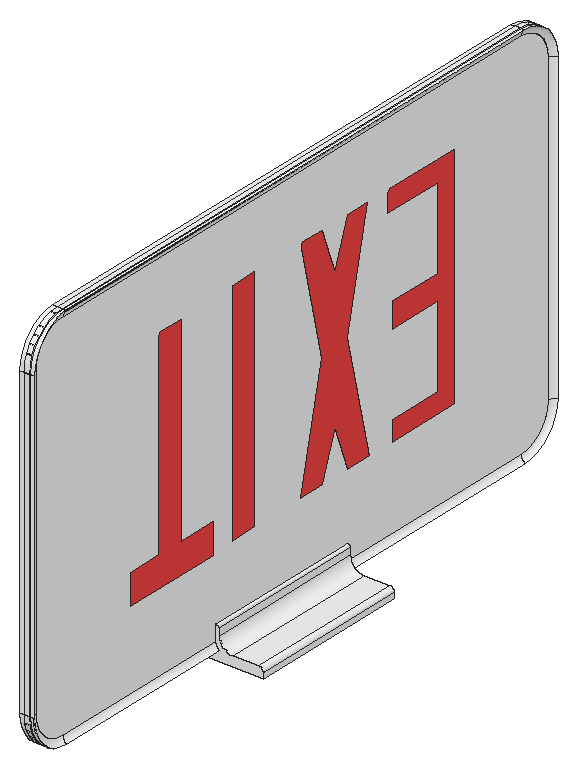
Revit family "DPL_Ceiling", category Lighting Fixtures, host Face, Revit 2021
Family settings
  Host = Face
  Round Connector Dimension = Use Diameter
  Part Type = Normal
  OmniClass Number = 23.80.70.11.21
  OmniClass Title = Emergency Lighting
  Cut with Voids When Loaded = No
  Light Source = No
  Shared = No
  Room Calculation Point = No
Parameters (values of type "DPL_A")
  zz Length 1 [instance] = 0.200"
  Watts = 3.72 W
  Wattage Comments = "3.72 W"
  Warranty = "5 Year Full"  # constant formula
  Wall Plate Material = Black
  Voltage [instance] = if(Is 120VAC, 120 V, 277 V)  # 120 V
  URL = "https://www.currentlighting.com/dual-lite"
  Type Comments = "Exit Light"  # constant formula
  P = no
  Product Page URL = ""
  Product Documentation Link = ""
  Model = "DPL"
  Manufacturer = "DUAL-LITE"  # constant formula
  Load Classification = Lighting
  Lens = Red Glass
  Lamp = "LED Lamp"  # constant formula
  Is 277VAC [instance] = not(Is 120VAC)  # no
  Is 120VAC [instance] = yes
  Holder Material = Steel
  Glass = light Glass
  Finish = White
  Features = "Available in Aluminum Frame, ABS Thermoplastic, Poly-Metal or Acrylic Construction\r\nMaintenance Free Exit Compliance\r\nNo Electricity Required\r\nQuick Installation\r\nMade in USA\r\nWall, Ceiling or End Mount\r\nUL924 Listed"  # constant formula
  End = C : C1
  Description = "The DPL Series of photoluminescent exit signage offers exit compliance with UL listed legible viewing distances of 50', 75' and 100'. The DPL photoluminescent exit signs do not require AC or electrical power. ALl signs have a 25 year lifecycle."  # constant formula
  Default Elevation = 48.000"
  Certification = "UL 924 Listed\r\nNFPA 101 Life Safety Code\r\nCEC T20 Compliant"  # constant formula
  Application = "The Sempra® MR Series are a set of compact, low-profile Master/\r\nRemote exit sign featuring cast aluminum construction. It allows for\r\neasy installation and has energy saving, long-life LED lamps. "  # constant formula
  Apparent Load = Watts  # 3.72 VA
  A = yes
Types (2): name
  DPL_P
  DPL_A
Reference planes (in)
  plane 1 "Center (Front/Back)": y = 0
  plane 2: z = 0
  plane 3 "Center (Left/Right)": x = 0
  plane 4: x = -6.25
  plane 5: x = 6.25
  plane 6: x = -2.75
  plane 7: x = 2.75
  plane 8: z = 9.3
  plane 9: y = -1.25
  plane 10: y = 1.25
  plane 11: y = -2.2
  plane 12: y = 2.2
  plane 13: x = 1
  plane 14: x = -1
  plane 15: x = 1
  plane 16: x = -1
Forms (in)
  Extrusion 1, solid, material "White", visible <- "P"
    sketch origin (-0.33698, -0.33698, 0) x (1, 0, 0) y (0, 0, 1)
      loop
        line (1.33698, 0) -> (1.33698, 0.24288) -> (0.31114, 0.24288) -> (-0.66302, 0.24288) -> (-0.66302, 0) -> (1.33698, 0)
    from -3 to 3
  Extrusion 2, solid, material "White", visible <- "A"
    sketch origin (-0.33698, -0.33698, 0.5) x (1, 0, 0) y (0, 0, 1)
      loop
        line (1.58698, -0.5) -> (1.58698, -0.36916)
        arc (1.58698, -0.36916) -> (1.55417, -0.28994) -> (1.47494, -0.25712) r 0.11204
        line (1.47494, -0.25712) -> (0.83812, -0.25712)
        arc (0.83812, -0.25712) -> (0.6053, -0.16068) -> (0.50886, 0.07214) r 0.32927
        line (0.50886, 0.07214) -> (0.50886, 0.24288)
        arc (0.50886, 0.24288) -> (0.45671, 0.29502) -> (0.40456, 0.24288) r 0.05215
        line (0.40456, 0.24288) -> (0.40456, -0.25712) -> (0.27956, -0.25712) -> (0.27956, -0.17827) -> (0.27956, 0.24288)
        arc (0.27956, 0.24288) -> (0.23015, 0.29229) -> (0.18073, 0.24288) r 0.04942
        line (0.18073, 0.24288) -> (0.18073, 0.07214)
        arc (0.18073, 0.07214) -> (0.08429, -0.16068) -> (-0.14853, -0.25712) r 0.32927
        line (-0.14853, -0.25712) -> (-0.8091, -0.25712)
        arc (-0.8091, -0.25712) -> (-0.88258, -0.28756) -> (-0.91302, -0.36104) r 0.10392
        line (-0.91302, -0.36104) -> (-0.91302, -0.5) -> (1.58698, -0.5)
    from -2 to 2
Dimensions and locks (in)
  plane 4 to plane 3 "Center (Left/Right)" = 6.250"
  equal spacing: plane 4, plane 3 "Center (Left/Right)", plane 5
  equal spacing: plane 6, plane 3 "Center (Left/Right)", plane 7
  plane 6 to plane 3 "Center (Left/Right)" = 2.750"
  plane 7 to plane 6 = 5.500"
  plane 5 to plane 4 = 12.500"
  aligned and locked: plane 2 to host face
  aligned and locked: level to host face
Automatic sketch dimensions
  host sketch curve to host sketch curve = 96.000"  (x2)
  Extrusion 1 sketch curve to level = 0.000"
  Extrusion 1 sketch curve to plane 14 = 0.000"
  Extrusion 1 sketch curve to plane 13 = 0.000"
  Extrusion 1 sketch curve to plane 3 "Center (Left/Right)" = 0.02584"
  level to Extrusion 1 sketch curve = 0.24288"
  Extrusion 2 sketch curve to level = 0.000"
  Extrusion 2 sketch curve to plane 16 = 0.250"
  Extrusion 2 sketch curve to plane 16 = 0.14608"
  Extrusion 2 sketch curve to plane 3 "Center (Left/Right)" = 0.48552"
  Extrusion 2 sketch curve to plane 3 "Center (Left/Right)" = 0.15625"
  Extrusion 2 sketch curve to Extrusion 2 sketch curve = 0.04942"
  plane 3 "Center (Left/Right)" to Extrusion 2 sketch curve = 0.06758"
  Extrusion 2 sketch curve to Extrusion 2 sketch curve = 0.05215"
  level to Extrusion 2 sketch curve = 0.24288"  (x2)
  Extrusion 2 sketch curve to Extrusion 2 sketch curve = 0.43356"
  plane 15 to Extrusion 2 sketch curve = 0.13796"
  Extrusion 2 sketch curve to Extrusion 2 sketch curve = 0.11204"
  level to Extrusion 2 sketch curve = 0.13896"
  Extrusion 2 sketch curve to Extrusion 2 sketch curve = 0.07885"
  Extrusion 2 sketch curve to Extrusion 2 sketch curve = 0.17073"
  Extrusion 2 sketch curve to Extrusion 2 sketch curve = 0.000"
Nested families (in)
  nested 1: "C" at (0.04251, 0, 0.23551) x (0, -1, 0) z (0, 0, 1), type <- "End", type "C1"
Connectors (in)
  electrical at (0, -0.33698, 0), driven by "Voltage", driven by "Apparent Load"
    settings: on Extrusion 1, index 1, voltage 120 V, apparent load 3.72 VA, apparent load phase1 0 VA, apparent load phase2 0 VA, apparent load phase3 0 VA, power factor 1, load classification "Other", number of poles 1, system type 30, power factor state 1, is connector primary yes, connector utility no, sub classification motor no, connector description "Lighting Connector"
Definition of nested family "C"
  Parameters
    Width = 16.000"
    STAIRS-Single Face = no
    STAIRS-Double Face = no
    EXIT-Single Face = yes
    Right Arrow - Single = yes
    Right Arrow - Double = no
    Lens = none
    Left Arrow - Single = no
    Left Arrow - Double = no
    Glass = none
    Finish = none
    EXIT-Double Face = no
    Default Elevation = 0.000"
    Arrow base-Double = no
    Arrow base - Single = yes
  Reference planes (in)
    plane 1 "Center (Front/Back)": y = 0
    plane 2: z = 0
    plane 3 "Center (Left/Right)": x = 0
    plane 4: x = -8
    plane 5: x = 8
    plane 6: y = 0.866
    plane 7: y = -0.866
    plane 8: z = 9.5
  Forms (in)
    Extrusion 1, solid, material <- "Finish"
      sketch origin (0.25, 0.02507, 10.68) x (-1, 0, 0) y (0, 0, -1)
        loop
          arc (-6.75, 10.68) -> (-7.45711, 10.38711) -> (-7.75, 9.68) r 1
          line (-7.75, 9.68) -> (-7.75, 2.18)
          arc (-7.75, 2.18) -> (-7.45711, 1.47289) -> (-6.75, 1.18) r 1
          line (-6.75, 1.18) -> (7.25, 1.18)
          arc (7.25, 1.18) -> (7.95711, 1.47289) -> (8.25, 2.18) r 1
          line (8.25, 2.18) -> (8.25, 9.68)
          arc (8.25, 9.68) -> (7.95711, 10.38711) -> (7.25, 10.68) r 1
          line (7.25, 10.68) -> (-6.75, 10.68)
      from 0.125 to 0
    Extrusion 2, solid, material <- "Lens", visible <- "EXIT-Single Face"
      sketch origin (0.625, 0.02507, 1.20042) x (1, 0, 0) y (0, 0, 1)
        loop
          line (2.43416, 6.45678) -> (2.43416, 5.97564) -> (3.8216, 5.97564) -> (3.8216, 3.97225) -> (2.43416, 3.97225) -> (2.43416, 3.36337) -> (3.80274, 3.3823) -> (3.80274, 1.3823) -> (2.30274, 1.3823) -> (2.30274, 0.8823) -> (4.30274, 0.8823) -> (4.30274, 6.45678) -> (2.43416, 6.45678)
        loop
          line (1.70593, 6.45573) -> (1.07536, 6.45573) -> (0.67318, 5.35075) -> (0.271, 6.45573) -> (-0.35957, 6.45573) -> (0.28367, 3.66954) -> (-0.35957, 0.88335) -> (0.271, 0.88335) -> (0.67318, 1.98833) -> (1.07536, 0.88335) -> (1.65578, 0.88335) -> (1.03761, 3.56092) -> (1.70593, 6.45573)
        loop
          line (-2.46319, 6.47228) -> (-2.46319, 0.88335) -> (-1.79357, 0.88335) -> (-1.79357, 6.47228) -> (-2.46319, 6.47228)
        loop
          line (-3.06807, 0.94585) -> (-3.06807, 1.67738) -> (-3.94038, 1.67738) -> (-3.94038, 6.53478) -> (-4.61, 6.53478) -> (-4.61, 1.67738) -> (-5.57984, 1.67738) -> (-5.57984, 0.94585) -> (-3.06807, 0.94585)
      from 0.1 to 0.127
    Extrusion 3, solid, material <- "Lens", visible <- "EXIT-Single Face"
      sketch origin (-0.6521, -0.09999, 8.6175) x (-1, 0, 0) y (0, 0, 1)
        loop
          line (2.43416, -6.45678) -> (4.30274, -6.45678) -> (4.30274, -0.8823) -> (2.30274, -0.8823) -> (2.30274, -1.3823) -> (3.80274, -1.3823) -> (3.80274, -3.3823) -> (2.43416, -3.36337) -> (2.43416, -3.97225) -> (3.8216, -3.97225) -> (3.8216, -5.97564) -> (2.43416, -5.97564) -> (2.43416, -6.45678)
        loop
          line (1.70593, -6.45573) -> (1.03761, -3.56092) -> (1.65578, -0.88335) -> (1.07536, -0.88335) -> (0.67318, -1.98833) -> (0.271, -0.88335) -> (-0.35957, -0.88335) -> (0.28367, -3.66954) -> (-0.35957, -6.45573) -> (0.271, -6.45573) -> (0.67318, -5.35075) -> (1.07536, -6.45573) -> (1.70593, -6.45573)
        loop
          line (-2.46319, -6.47228) -> (-1.79357, -6.47228) -> (-1.79357, -0.88335) -> (-2.46319, -0.88335) -> (-2.46319, -6.47228)
        loop
          line (-5.57984, -6.53478) -> (-3.06807, -6.53478) -> (-3.06807, -5.80325) -> (-4.03791, -5.80325) -> (-4.03791, -0.94585) -> (-4.70753, -0.94585) -> (-4.70753, -5.80325) -> (-5.57984, -5.80325) -> (-5.57984, -6.53478)
      from 0.1 to 0.127
    Sweep 4, solid, material <- "Finish"
      path in 3D
        loop
          arc (7, 0.02507, 9.5) -> (7.70711, 0.02507, 9.20711) -> (8, 0.02507, 8.5) r 1
          line (8, 0.02507, 8.5) -> (8, 0.02507, 1)
          arc (8, 0.02507, 1) -> (7.70711, 0.02507, 0.29289) -> (7, 0.02507, 0) r 1
          line (7, 0.02507, 0) -> (-7, 0.02507, 0)
          arc (-7, 0.02507, 0) -> (-7.70711, 0.02507, 0.29289) -> (-8, 0.02507, 1) r 1
          line (-8, 0.02507, 1) -> (-8, 0.02507, 8.5)
          arc (-8, 0.02507, 8.5) -> (-7.70711, 0.02507, 9.20711) -> (-7, 0.02507, 9.5) r 1
          line (-7, 0.02507, 9.5) -> (7, 0.02507, 9.5)
      profile origin (0, 0.02507, 9.5) x (0, 1, 0) y (0, 0, 1)
        loop
          line (0.0993, 0) -> (-0.23195, 0)
          arc (-0.23195, 0) -> (-0.15988, -0.07478) -> (-0.1233, -0.17199) r 0.25694
          line (-0.1233, -0.17199) -> (0, -0.17199)
          arc (0, -0.17199) -> (0.03017, -0.07475) -> (0.0993, 0) r 0.23046
  Lines and regions (in)
    sketch lines
      curve 1: line (-7, 0.02507, 9.5) -> (7, 0.02507, 9.5)
      curve 2: arc (8, 0.02507, 8.5) -> (7.70711, 0.02507, 9.20711) -> (7, 0.02507, 9.5) r 1
      curve 3: line (8, 0.02507, 8.5) -> (8, 0.02507, 1)
      curve 4: arc (7, 0.02507, 0) -> (7.70711, 0.02507, 0.29289) -> (8, 0.02507, 1) r 1
      curve 5: line (7, 0.02507, 0) -> (-7, 0.02507, 0)
      curve 6: arc (-8, 0.02507, 1) -> (-7.70711, 0.02507, 0.29289) -> (-7, 0.02507, 0) r 1
      curve 7: line (-8, 0.02507, 1) -> (-8, 0.02507, 8.5)
      curve 8: arc (-7, 0.02507, 9.5) -> (-7.70711, 0.02507, 9.20711) -> (-8, 0.02507, 8.5) r 1
  Dimensions and locks (in)
    plane 8 to plane 2 = 9.500"
    equal spacing: plane 5, plane 3 "Center (Left/Right)", plane 4
    "Width": plane 5 to plane 4
    aligned and locked: plane 2 to level
  Automatic sketch dimensions
    Extrusion 1 sketch curve to plane 5 = 0.000"
    Extrusion 1 sketch curve to plane 8 = 0.000"
    Extrusion 1 sketch curve to level = 0.000"
    Extrusion 1 sketch curve to plane 4 = 0.000"
    Extrusion 1 sketch curve to plane 5 = 1.000"
    level to Extrusion 1 sketch curve = 1.000"
    plane 4 to Extrusion 1 sketch curve = 1.000"  (x2)
    plane 4 to Extrusion 2 sketch curve = 3.04516"
    Extrusion 2 sketch curve to plane 8 = 1.7648"
    Extrusion 2 sketch curve to plane 3 "Center (Left/Right)" = 3.985"
    Extrusion 2 sketch curve to Extrusion 2 sketch curve = 0.66962"  (x2)
    Extrusion 2 sketch curve to Extrusion 2 sketch curve = 0.87231"
    Extrusion 2 sketch curve to Extrusion 2 sketch curve = 0.60488"
    plane 3 "Center (Left/Right)" to Extrusion 2 sketch curve = 0.26543"  (x2)
    Extrusion 2 sketch curve to Extrusion 2 sketch curve = 0.63057"  (x3)
    plane 3 "Center (Left/Right)" to Extrusion 2 sketch curve = 0.90867"
    Extrusion 2 sketch curve to Extrusion 2 sketch curve = 0.40218"  (x2)
    Extrusion 2 sketch curve to Extrusion 2 sketch curve = 0.75394"
    Extrusion 2 sketch curve to Extrusion 2 sketch curve = 0.80436"  (x2)
    Extrusion 2 sketch curve to Extrusion 2 sketch curve = 0.58042"
    Extrusion 2 sketch curve to Extrusion 2 sketch curve = 0.64696"
    Extrusion 2 sketch curve to Extrusion 2 sketch curve = 0.72823"
    Extrusion 2 sketch curve to Extrusion 2 sketch curve = 1.39654"
    Extrusion 2 sketch curve to Extrusion 2 sketch curve = 1.36859"
    Extrusion 2 sketch curve to Extrusion 2 sketch curve = 0.01886"
    Extrusion 2 sketch curve to Extrusion 2 sketch curve = 0.48114"  (x2)
    Extrusion 2 sketch curve to Extrusion 2 sketch curve = 0.0625"  (x2)
    Extrusion 2 sketch curve to plane 8 = 1.8428"
    Extrusion 2 sketch curve to Extrusion 2 sketch curve = 0.01655"
    Extrusion 2 sketch curve to Extrusion 2 sketch curve = 0.000"  (x2)
    Extrusion 2 sketch curve to Extrusion 2 sketch curve = 1.10498"  (x2)
    Extrusion 2 sketch curve to Extrusion 2 sketch curve = 2.00339"
    Extrusion 2 sketch curve to Extrusion 2 sketch curve = 1.68121"
    Extrusion 2 sketch curve to Extrusion 2 sketch curve = 0.10862"
    Extrusion 2 sketch curve to Extrusion 2 sketch curve = 0.58995"
    Extrusion 2 sketch curve to Extrusion 2 sketch curve = 0.60888"
    Extrusion 2 sketch curve to Extrusion 2 sketch curve = 1.57259"
    level to Extrusion 2 sketch curve = 2.8778"
    Extrusion 2 sketch curve to Extrusion 2 sketch curve = 2.000"
    Extrusion 2 sketch curve to Extrusion 2 sketch curve = 0.73153"
    Extrusion 2 sketch curve to Extrusion 2 sketch curve = 0.49894"
    Extrusion 2 sketch curve to Extrusion 2 sketch curve = 0.500"
    Extrusion 3 sketch curve to plane 5 = 3.07226"
    Extrusion 3 sketch curve to plane 8 = 1.82835"
    Extrusion 3 sketch curve to plane 5 = 3.94457"
    Extrusion 3 sketch curve to Extrusion 3 sketch curve = 0.66962"  (x2)
    Extrusion 3 sketch curve to Extrusion 3 sketch curve = 0.96984"
    Extrusion 3 sketch curve to Extrusion 3 sketch curve = 1.57472"
    Extrusion 3 sketch curve to plane 3 "Center (Left/Right)" = 0.29253"  (x2)
    Extrusion 3 sketch curve to Extrusion 3 sketch curve = 0.63057"  (x3)
    Extrusion 3 sketch curve to plane 3 "Center (Left/Right)" = 0.93577"
    Extrusion 3 sketch curve to Extrusion 3 sketch curve = 0.40218"  (x2)
    Extrusion 3 sketch curve to Extrusion 3 sketch curve = 0.75394"
    Extrusion 3 sketch curve to Extrusion 3 sketch curve = 0.80436"  (x2)
    Extrusion 3 sketch curve to Extrusion 3 sketch curve = 0.58042"
    Extrusion 3 sketch curve to Extrusion 3 sketch curve = 0.64696"
    Extrusion 3 sketch curve to Extrusion 3 sketch curve = 0.72823"
    Extrusion 3 sketch curve to Extrusion 3 sketch curve = 1.39654"
    Extrusion 3 sketch curve to Extrusion 3 sketch curve = 1.36859"
    Extrusion 3 sketch curve to Extrusion 3 sketch curve = 0.01886"
    Extrusion 3 sketch curve to Extrusion 3 sketch curve = 0.48114"  (x2)
    Extrusion 3 sketch curve to plane 8 = 2.2648"
    Extrusion 3 sketch curve to Extrusion 3 sketch curve = 0.60603"
    Extrusion 3 sketch curve to Extrusion 3 sketch curve = 1.98108"
    Extrusion 3 sketch curve to Extrusion 3 sketch curve = 0.01892"
    Extrusion 3 sketch curve to Extrusion 3 sketch curve = 0.19755"
    Extrusion 3 sketch curve to Extrusion 3 sketch curve = 0.10862"
    Extrusion 3 sketch curve to Extrusion 3 sketch curve = 0.58995"
    Extrusion 3 sketch curve to Extrusion 3 sketch curve = 1.68121"
    level to Extrusion 3 sketch curve = 2.81425"
    Extrusion 3 sketch curve to Extrusion 3 sketch curve = 0.000"  (x4)
    Extrusion 3 sketch curve to Extrusion 3 sketch curve = 2.00339"
    Extrusion 3 sketch curve to Extrusion 3 sketch curve = 0.48009"
    Extrusion 3 sketch curve to Extrusion 3 sketch curve = 0.01655"
    Extrusion 3 sketch curve to Extrusion 3 sketch curve = 0.0625"
    Extrusion 3 sketch curve to Extrusion 3 sketch curve = 1.10498"
    Extrusion 3 sketch curve to Extrusion 3 sketch curve = 0.500"
    Sweep 4 sketch curve to profile plane = 0.000"  (x2)
    Sweep 4 sketch curve to Sweep 4 sketch curve = 0.14515"
    Sweep 4 sketch curve to profile plane = 0.0993"
    Sweep 4 sketch curve to profile plane = 0.18998"
    Sweep 4 sketch curve to profile plane = 0.22976"
    Sweep 4 sketch curve to profile plane = 0.21202"
    Sweep 4 sketch curve to Sweep 4 sketch curve = 0.1233"
